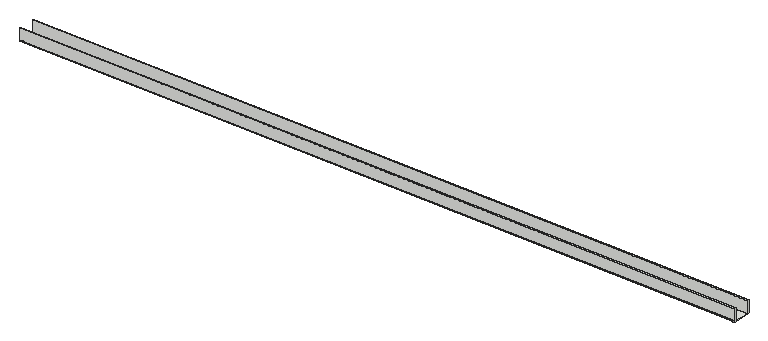
Revit family "PR27", category Mechanical Equipment, Revit 2018
Family settings
  Round Connector Dimension = Use Diameter
  Part Type = Normal
  OmniClass Number = 23.75.00.00
  OmniClass Title = Climate Control (HVAC)
  Work Plane-Based = No
  Always vertical = Yes
  Cut with Voids When Loaded = No
  Shared = No
  Room Calculation Point = No
Parameters (values of type "ISOLAMIN PR27 flashing")
  URL = "http://www.isolamin.se/"
  Thickness = "0.7 mm (Different thicknesses are available on request)"
  Profile Length = 1180 mm
  Model = "PR27"
  Material = "Galvanized Steel"
  Manufacturer = "ISOLAMIN AB"
  Edition = "1.0 (2018)"
Reference planes
  plane 1 "Center (Front/Back)": y = 0
  plane 2: z = 0
  plane 3 "Center (Left/Right)": x = 0
  plane 4: y = -1284.913
  plane 5: x = 1180
Forms (mm)
  Extrusion 1, solid, material "ISOLAMIN Surface Profile Material"
    sketch origin (0, 0, 0) x (0, 1, 0) y (0, 0, 1)
      loop
        line (-1, 1) -> (-26, 1) -> (-26, 20) -> (-27, 20) -> (-27, 1)
        arc (-27, 1) -> (-26.707, 0.293) -> (-26, 0) r 1
        line (-26, 0) -> (-1, 0)
        arc (-1, 0) -> (-0.293, 0.293) -> (0, 1) r 1
        line (0, 1) -> (0, 20) -> (-1, 20) -> (-1, 1)
    from 0 to 1180
Dimensions and locks
  "Profile Length": plane 3 "Center (Left/Right)" to plane 5
  aligned and locked: level to plane 2
  aligned and locked: plane 5 to Extrusion 1
Automatic sketch dimensions
  Extrusion 1 sketch curve to level = 0 mm
  Extrusion 1 sketch curve to plane 1 "Center (Front/Back)" = 0 mm
  plane 1 "Center (Front/Back)" to Extrusion 1 sketch curve = 1 mm
  Extrusion 1 sketch curve to Extrusion 1 sketch curve = 0 mm  (x3)
  Extrusion 1 sketch curve to Extrusion 1 sketch curve = 25 mm
  Extrusion 1 sketch curve to Extrusion 1 sketch curve = 1 mm
  Extrusion 1 sketch curve to Extrusion 1 sketch curve = 19 mm  (x2)
